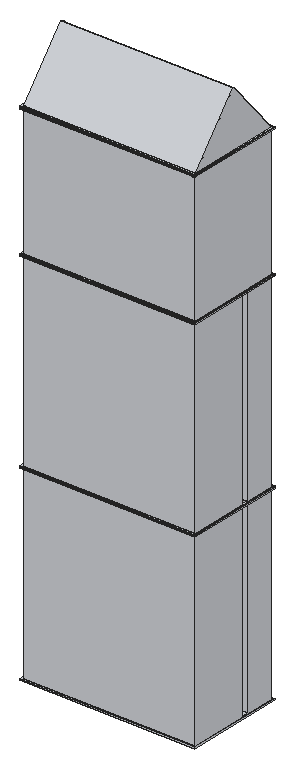
Revit family "18.Воздушная завеса без нагрева PWZ-C на базе вентиляторов WNP", category Оборудование, Revit 2016
Family settings
  Тип детали = Нормальный
  Размер круглого соединителя = Использовать диаметр
  На основе рабочей плоскости = Нет
  Всегда вертикально = Да
  При загрузке вырезать с полостями = Нет
  Общий = Нет
  Точка расчета площади = Нет
Parameters (values of type "90-50")
  х2 = И1 / 2  # 1000 mm
  х = И2 * 0.7  # 693 mm
  ножки(да/нет) [instance] = no
  Ширина щели = 42 mm  # constant formula
  Ширина = А  # 900 mm
  Частотный преобразователь [instance] = no
  Частота вращения n, об/мин = ""
  Тип, марка, обозначение = "PWZ-C 90-50 H"
  Сила тока J, А = "10.7"
  Регулятор расхода [instance] = no
  Раздел = "ОВ"
  Примечание = ""
  Позиция = ""
  Напряжение U,В = "3-380"
  Наименование и тех.хар-ка = "Воздушная завеса без нагрева"  # constant formula
  Мощность двигателя N,Вт = "5500"
  Материал = Сталь серая
  Масса единицы = ""
  Макс. расход воздуха м3/ч = ""
  Макс. полное давление, Па = ""
  И2 = 990 mm
  Код, оборудования = ""
  Ключевая пометка = "Вентиляция"
  И1 = 2000 mm
  Задание электрикам [instance] = no
  Задание автоматчикам [instance] = no
  Завод изготовитель = "KORF"  # constant formula
  Единица измерения = "шт."  # constant formula
  Высота = Б  # 500 mm
  Б1 = Б * 0.3  # 150 mm
  Б = 500 mm
  А = 900 mm
Types (6, lengths in mm): name | х | Ширина | Тип, марка, обозначение | Сила тока J, А | Мощность двигателя N,Вт | И2 | Высота | Б1 | Б | А
  60-30 | 525 | 600 | "PWZ-C 60-30 H" | "2.51" | "1100" | 750 | 300 | 90 | 300 | 600
  60-35 | 525 | 600 | "PWZ-C 60-35 H" | "3,45" | "1500" | 750 | 350 | 105 | 350 | 600
  70-40 M | 595 | 700 | "PWZ-C 70-40 M H" | "3,45" | "1500" | 850 | 400 | 120 | 400 | 700
  70-40 | 595 | 700 | "PWZ-C 70-40 H" | "5.9" | "3" | 850 | 400 | 120 | 400 | 700
  80-50 | 682.5 | 800 | "PWZ-C 80-50 H" | "5.9" | "3000" | 975 | 500 | 150 | 500 | 800
  90-50 | 693 | 900 | "PWZ-C 90-50 H" | "10.7" | "5500" | 990 | 500 | 150 | 500 | 900
Reference planes
  plane 1 "По центру (Вперед/Назад)": y = 0
  plane 2: z = 0
  plane 3 "По центру (Влево/Вправо)": x = 0
  plane 4: x = -450
  plane 5: x = 450
  plane 6: y = 250
  plane 7: y = -250
  plane 8: z = 2000
  plane 9: z = 2990
  plane 10: z = 2693
  plane 11: z = 1000
  plane 12: y = 100
  plane 13: y = 58
  plane 14: x = 410
  plane 15: x = -410
Forms (mm)
  Extrusion 1, void, not visible
    sketch origin (-345, -245, 50) x (0, -1, 0) y (0, 0, -1)
      loop
        line (-477.965, -475) -> (-477.965, -450) -> (-528.913, -450) -> (-528.913, -475) -> (-477.965, -475)
    from -47.452 to 12
  Extrusion 2, solid
    sketch origin (0, 0, 0) x (1, 0, 0) y (0, 1, 0)
      loop
        line (-450, 250) -> (-450, -250) -> (450, -250) -> (450, 250) -> (-450, 250)
    from 1000 to 2000
  Extrusion 3, solid
    sketch origin (0, 0, 75.182) x (1, 0, 0) y (0, 0, 1)
      loop
        line (-450, 2617.818) -> (-450, 1924.818) -> (450, 1924.818) -> (450, 2617.818) -> (-450, 2617.818)
    from -250 to 250
  Extrusion 4, solid
    sketch origin (0, 0, 0) x (1, 0, 0) y (0, 0, 1)
      loop
        line (-450, 1000) -> (-450, 0) -> (450, 0) -> (450, 1000) -> (-450, 1000)
    from -250 to 250
  Extrusion 5, solid
    sketch origin (0, 0, 0) x (0, 1, 0) y (0, 0, 1)
      loop
        line (250, 2693) -> (3.883, 2990) -> (0, 2990) -> (-3.883, 2990) -> (-250, 2693) -> (250, 2693)
    from -450 to 450
  Sweep 6, solid
    path in 3D
      loop
        line (450, -250, 0) -> (450, 250, 0) -> (-450, 250, 0) -> (-450, -250, 0) -> (450, -250, 0)
    profile origin (0, -250, 0) x (0, -1, 0) y (0, 0, -1)
      loop
        line (0, 0) -> (0, -5) -> (10, -5) -> (10, 0) -> (0, 0)
  Sweep 7, solid
    path in 3D
      loop
        line (-450, -250, 1000) -> (-450, 250, 1000) -> (450, 250, 1000) -> (450, -250, 1000) -> (-450, -250, 1000)
    profile origin (0, -250, 1000) x (0, -1, 0) y (0, 0, 1)
      loop
        line (10, -5) -> (10, -1.078) -> (8.696, 0) -> (10, 1.304) -> (10, 5) -> (0, 5) -> (0, 0) -> (0, -5) -> (10, -5)
  Sweep 8, solid
    path in 3D
      loop
        line (450, -250, 2000) -> (450, 250, 2000) -> (-450, 250, 2000) -> (-450, -250, 2000) -> (450, -250, 2000)
    profile origin (0, -250, 2000) x (0, -1, 0) y (0, 0, -1)
      loop
        line (0, -5) -> (10, -5) -> (10, -1.61) -> (8.39, 0) -> (10, 1.61) -> (10, 5) -> (0, 5) -> (0, 0) -> (0, -5)
  Sweep 9, solid
    path in 3D
      loop
        line (-450, -250, 2693) -> (-450, 250, 2693) -> (450, 250, 2693) -> (450, -250, 2693) -> (-450, -250, 2693)
    profile origin (0, -250, 2693) x (0, 1, 0) y (0, 0, -1)
      loop
        line (0, 5) -> (-10, 5) -> (-10, 1.71) -> (-8.29, 0) -> (-10, -1.71) -> (-10, -5) -> (3.254, -5) -> (0, 0.01) -> (0, 5)
  Extrusion 10, void
    sketch origin (0, 0, 0) x (0, 1, 0) y (0, 0, 1)
      loop
        line (58, 2000) -> (58, 5) -> (100, 5) -> (100, 2000) -> (58, 2000)
    from 410 to 450
  Extrusion 11, void
    sketch origin (0, 0, 0) x (0, 1, 0) y (0, 0, -1)
      loop
        line (58, -2000) -> (100, -2000) -> (100, -5) -> (58, -5) -> (58, -2000)
    from 260 to 450
Cuts and joins
  joined: Extrusion 5, Sweep 9
  Extrusion 10, Extrusion 11 cuts Extrusion 4
  Extrusion 10, Extrusion 11 cuts Extrusion 2
  Extrusion 11 cuts Extrusion 3
  Extrusion 11 cuts Sweep 6
  Extrusion 11 cuts Sweep 7
  Extrusion 11 cuts Sweep 8
Lines and regions (mm)
  sketch lines
    curve 1: line (-450, -250, 0) -> (450, -250, 0)
    curve 2: line (450, -250, 0) -> (450, 250, 0)
    curve 3: line (450, 250, 0) -> (-450, 250, 0)
    curve 4: line (-450, -250, 0) -> (-450, 250, 0)
    curve 5: line (450, -250, 1000) -> (-450, -250, 1000)
    curve 6: line (450, -250, 1000) -> (450, 250, 1000)
    curve 7: line (-450, 250, 1000) -> (450, 250, 1000)
    curve 8: line (-450, -250, 1000) -> (-450, 250, 1000)
    curve 9: line (-450, -250, 2000) -> (450, -250, 2000)
    curve 10: line (450, -250, 2000) -> (450, 250, 2000)
    curve 11: line (450, 250, 2000) -> (-450, 250, 2000)
    curve 12: line (-450, -250, 2000) -> (-450, 250, 2000)
    curve 13: line (450, -250, 2693) -> (-450, -250, 2693)
    curve 14: line (450, -250, 2693) -> (450, 250, 2693)
    curve 15: line (450, 250, 2693) -> (-450, 250, 2693)
    curve 16: line (-450, 250, 2693) -> (-450, -250, 2693)
Dimensions and locks
  equal spacing: plane 6, plane 1 "По центру (Вперед/Назад)", plane 7
  "Б": plane 6 to plane 7
  equal spacing: plane 4, plane 3 "По центру (Влево/Вправо)", plane 5
  "А": plane 4 to plane 5
  "И1": plane 8 to level
  "И2": plane 9 to plane 8
  "х": plane 10 to plane 8
  "х2": plane 11 to level
  "Б1": plane 12 to plane 6
  "Ширина щели": plane 13 to plane 12
  locked: plane 4 to plane 15 at 40
  locked: plane 14 to plane 5 at 40
  aligned and locked: level to plane 2
  aligned and locked: Extrusion 2 to plane 4
  aligned and locked: Extrusion 2 to plane 7
  aligned and locked: plane 5 to Extrusion 2
  aligned and locked: plane 6 to Extrusion 2
  aligned and locked: plane 8 to Extrusion 2
  aligned and locked: Extrusion 3 to plane 4
  aligned and locked: plane 5 to Extrusion 3
  aligned and locked: Extrusion 3 to Extrusion 2  (x3)
  aligned and locked: plane 10 to Extrusion 3
  aligned and locked: Extrusion 2 to plane 11
  aligned and locked: plane 5 to Extrusion 4
  aligned and locked: Extrusion 4 to plane 4
  aligned and locked: Extrusion 4 to level
  aligned and locked: plane 11 to Extrusion 4
  aligned and locked: Extrusion 4 to Extrusion 2  (x2)
  aligned and locked: Extrusion 5 to Extrusion 2  (x2)
  aligned and locked: Extrusion 2 to Extrusion 10  (x2)
  aligned and locked: plane 12 to Extrusion 10
  aligned and locked: plane 13 to Extrusion 10
  aligned and locked: Extrusion 10 to plane 14
  aligned and locked: plane 12 to Extrusion 11
  aligned and locked: plane 13 to Extrusion 11
  aligned and locked: Extrusion 2 to Extrusion 11
  aligned and locked: Extrusion 11 to cut or joined group of Sweep 6, Extrusion 11
  aligned and locked: Extrusion 10 to cut or joined group of Sweep 6, Extrusion 11
Automatic sketch dimensions
  Extrusion 2 sketch curve to plane 4 = 0 mm
  Extrusion 2 sketch curve to plane 5 = 0 mm
  Extrusion 2 sketch curve to plane 7 = 0 mm
  Extrusion 2 sketch curve to plane 6 = 0 mm
  Extrusion 3 sketch curve to plane 4 = 0 mm
  Extrusion 3 sketch curve to plane 5 = 0 mm
  Extrusion 3 sketch curve to plane 8 = 0 mm
  Extrusion 3 sketch curve to plane 10 = 0 mm
  Extrusion 4 sketch curve to level = 0 mm
  Extrusion 4 sketch curve to plane 4 = 0 mm
  Extrusion 4 sketch curve to plane 5 = 0 mm
  Extrusion 4 sketch curve to plane 11 = 0 mm
  Extrusion 5 sketch curve to plane 7 = 0 mm
  Extrusion 5 sketch curve to plane 9 = 0 mm
  Extrusion 5 sketch curve to plane 1 "По центру (Вперед/Назад)" = 0 mm
  Extrusion 5 sketch curve to plane 6 = 0 mm
  Extrusion 5 sketch curve to plane 10 = 0 mm
  plane 1 "По центру (Вперед/Назад)" to Extrusion 5 sketch curve = 3.883 mm
  Extrusion 5 sketch curve to plane 1 "По центру (Вперед/Назад)" = 3.883 mm
  Sweep 6 sketch curve to profile plane = 0 mm
  profile plane to Sweep 6 sketch curve = 0 mm
  Sweep 6 sketch curve to profile plane = 10 mm
  Sweep 6 sketch curve to profile plane = 5 mm
  Sweep 7 sketch curve to profile plane = 0 mm  (x3)
  Sweep 7 sketch curve to profile plane = 8.696 mm
  Sweep 7 sketch curve to Sweep 7 sketch curve = 1.304 mm  (x2)
  Sweep 7 sketch curve to profile plane = 1.078 mm
  Sweep 7 sketch curve to Sweep 7 sketch curve = 3.922 mm
  profile plane to Sweep 7 sketch curve = 1.304 mm
  profile plane to Sweep 7 sketch curve = 5 mm
  Sweep 8 sketch curve to profile plane = 0 mm
  profile plane to Sweep 8 sketch curve = 0 mm  (x2)
  Sweep 8 sketch curve to profile plane = 8.39 mm
  Sweep 8 sketch curve to Sweep 8 sketch curve = 1.61 mm  (x2)
  Sweep 8 sketch curve to profile plane = 1.61 mm
  Sweep 8 sketch curve to profile plane = 5 mm
  Sweep 8 sketch curve to Sweep 8 sketch curve = 3.39 mm
  profile plane to Sweep 9 sketch curve = 0 mm
  Sweep 9 sketch curve to profile plane = 0 mm
  profile plane to Sweep 9 sketch curve = 8.29 mm
  Sweep 9 sketch curve to Sweep 9 sketch curve = 1.71 mm  (x2)
  Sweep 9 sketch curve to profile plane = 3.254 mm
  Sweep 9 sketch curve to profile plane = 1.71 mm
  Sweep 9 sketch curve to profile plane = 5 mm
  profile plane to Sweep 9 sketch curve = 0.01 mm
  Sweep 9 sketch curve to Sweep 9 sketch curve = 4.99 mm
  level to Extrusion 10 sketch curve = 5 mm
  Extrusion 10 sketch curve to plane 13 = 0 mm
  Extrusion 10 sketch curve to plane 12 = 0 mm
  Extrusion 10 sketch curve to plane 8 = 0 mm
  level to Extrusion 11 sketch curve = 5 mm
  Extrusion 11 sketch curve to plane 13 = 0 mm
  Extrusion 11 sketch curve to plane 12 = 0 mm
  Extrusion 11 sketch curve to plane 8 = 0 mm
Nested families
  nested 1: "крепление 15мм" at (-330, 229.965, 495), type "крепление 15мм", not visible
Connectors
  hvac at (0, 0, 0), driven by "Ширина", driven by "Высота"
    settings: on Extrusion 4, index 1, duct flow 0.0 L/s, flow factor 0, pres drop 0.0 Pa, loss coef 0, conn angle 0.00°, conn width 900 mm, conn height 500 mm, conn diameter 609.6 mm, duct sys type 28, conn prof type 1, flow config 0, flow direction 0, loss method 0, conn ref index -1, conn util no, is conn primary yes, conn desc ""
Definition of nested family "крепление 15мм"
  Parameters (values of type "крепление 15мм")
    Материал крепления = none
  Reference planes
    plane 1 "По центру (Вперед/Назад)": y = 0
    plane 2: z = 0
    plane 3 "По центру (Влево/Вправо)": x = 0
  Forms (mm)
    Extrusion 1, solid, material <- "Материал крепления"
      sketch origin (0, 0, 0) x (1, 0, 0) y (0, 1, 0)
        loop
          line (-25, 0) -> (0, 0) -> (0, 18.31) -> (0, 25) -> (-3, 25) -> (-3, 3) -> (-25, 3) -> (-25, 0)
      from 0 to 30
    Extrusion 2, void
      sketch origin (0, 0, 0) x (1, 0, 0) y (0, 1, 0)
        loop
          line (-3, 3) -> (-3, 54.96) -> (-58, 54.96) -> (-58, 3) -> (-3, 3)
      from 0 to 15
  Cuts and joins
    Extrusion 2 cuts Extrusion 1
  Dimensions and locks
    Extrusion 1 sketch curve to Extrusion 1 sketch curve = 3 mm  (x2)
    Extrusion 1 sketch curve to Extrusion 1 sketch curve to plane 3 "По центру (Влево/Вправо)" = 25 mm, 0 mm
    Extrusion 1 sketch curve to Extrusion 1 sketch curve = 25 mm
    aligned and locked: level to plane 2
